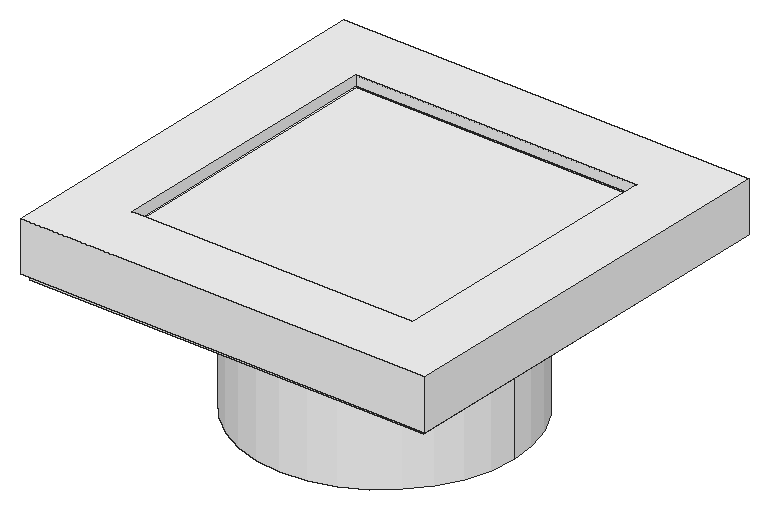
Revit family "Gira_110427", category Electrical Fixtures, host Face, Revit 2017
Family settings
  Host = Face
  Maintain Annotation Orientation = Yes
  Round Connector Dimension = Use Diameter
  Part Type = Normal
  Cut with Voids When Loaded = No
  Shared = No
  Room Calculation Point = No
Parameters (values of type "Rocker sw. hotel room status displ. System 55 p.white m")
  With mounting plate = "No"
  Wiring system = "Series switch"
  White [instance] = White
  Washing machine switch = "No"
  URL = "http://katalog.gira.de/en/datenblatt.html?artikelnr=110427"
  Type of fastening = "Mounting with claw and screw"
  Surface protection = "Other"
  Surface finishing = "Matt"
  Suitable for degree of protection (IP) = "IP20"
  Rated current = "10"
  RAL-number (akin) = "9010"
  Push button switch = "No"
  Number of rockers = "2"
  Number of modules (module system) = "1"
  Nominal voltage = "250"
  Name = "Rocker sw. hotel room status displ. System 55 p.white m"
  Mounting method = "Flush mounted (plaster)"
  Model = "Sys55_Komplettgerät_Schalten und Tasten"
  Method of operation = "Rocker/button"
  Material quality = "Thermoplastic"
  Material = "Plastic"
  Manufacturer URL = "https://www.gira.de/"
  Manufacturer = "Gira"
  Label space/information surface = "No"
  Illumination = "No"
  HeinzeBIM = "https://bimportal.heinze.de/bim/rocker-sw-hotel-room-status-displ-system-55-p-white-m/764a7859e7e3494ae4ec3080dca3cef2ec440534"
  Halogen free = "Yes"
  HAN = "110427"
  GTIN = "4010337104278"
  Feedback-signal contact = "No"
  Description = "Rock.sw.h-room stat.displ. Sys55 PWm,Rocker switch, 10 AX 250 V~ with rocker, 2-gang for displaying hotel room status,,pure white matt,Features:,- Switch for hotel room status display Do not disturb\" and \"Make up room\".,- With block to prevent both sides from being switched on.,- Locked both electrically and mechanically.\""
  Default Elevation = 1219.2 mm
  Data sheet (1) = "https://katalog.gira.de/en/download.html?artikelnr=110427"
  Connection type = "Plug clamp"
  Colour = "White"
  Category = "Switch"
  BIM (1) = "https://media.stage.bim.site/public/gira/36a6b08/Sys55_Komplettgerät_Schalten und Tasten.rfa?public/gira/36a6b08/Sys55_Komplettgerät_Schalten und Tasten.rfa"
  Available = "No"
  Assembly arrangement = "Basic element with central cover plate"
Reference planes
  plane 1 "Center (Front/Back)": y = 0
  plane 2: z = 0
  plane 3 "Center (Left/Right)": x = 0
Forms (mm)
  Extrusion 1, solid, material "White" <- "White", detail levels medium
    sketch origin (0, 0, 0) x (1, 0, 0) y (0, 1, 0)
      loop
        line (-40.4, 40.4) -> (-40.4, -40.4) -> (40.4, -40.4) -> (40.4, 40.4) -> (-40.4, 40.4)
      loop
        line (-28, 28) -> (-28, -28) -> (28, -28) -> (28, 28) -> (-28, 28)
    from 0 to 10
  Extrusion 2, solid, material "White" <- "White", detail levels fine
    sketch origin (0, 0, 0) x (1, 0, 0) y (0, 1, 0)
      loop
        line (-40.4, 40.4) -> (-40.4, -40.4) -> (40.4, -40.4) -> (40.4, 40.4) -> (-40.4, 40.4)
      loop
        line (-28, 28) -> (-28, -28) -> (28, -28) -> (28, 28) -> (-28, 28)
    from 0 to 10
  Extrusion 3, void
    sketch origin (0, 0, 0) x (1, 0, 0) y (0, 1, 0)
      loop
        line (-38.4, 38.4) -> (-38.4, -38.4) -> (38.4, -38.4) -> (38.4, 38.4) -> (-38.4, 38.4)
    from 0 to 8
  Extrusion 4, solid, material "White" <- "White", detail levels medium+fine
    sketch origin (0, 0, 0) x (1, 0, 0) y (0, 1, 0)
      loop
        line (-39.4, 39.4) -> (-39.4, -39.4) -> (39.4, -39.4) -> (39.4, 39.4) -> (-39.4, 39.4)
    from 0 to -1
  Extrusion 5, solid, material "White" <- "White", detail levels medium+fine
    sketch origin (0, 0, 0) x (1, 0, 0) y (0, 1, 0)
      loop
        line (-35.5, 35.5) -> (-35.5, -35.5) -> (35.5, -35.5) -> (35.5, 35.5) -> (-35.5, 35.5)
    from -2 to -3
  Extrusion 6, solid, material "White" <- "White", detail levels medium+fine
    sketch origin (0, 0, 0) x (1, 0, 0) y (0, 1, 0)
      loop
        circle (0, 0) r 26
    from 0 to -27.5
  Extrusion 7, solid, material "White" <- "White", detail levels coarse
    sketch origin (0, 0, 0) x (1, 0, 0) y (0, 1, 0)
      loop
        line (-40.4, 40.4) -> (-40.4, -40.4) -> (40.4, -40.4) -> (40.4, 40.4) -> (-40.4, 40.4)
    from -27.5 to 10
Cuts and joins
  Extrusion 3 cuts Extrusion 2
Dimensions and locks
  aligned and locked: plane 2 to host face
  aligned and locked: level to host face
  aligned and locked: plane 3 "Center (Left/Right)" to nested 2
  aligned and locked: plane 1 "Center (Front/Back)" to nested 2
Nested families
  nested 1: "Sys55_Abdeckung_Schalten und Tasten_floor_base" at (0, 0, 0), type "Sys55_Abdeckung_Schalten und Tasten_floor_base"
  nested 2: "Schalter" at (0, 0, 0), type "Schalter"
Connectors
  electrical at (0, 0, -27.5)
    settings: on Extrusion 6, index 1, voltage 220 V, apparent load 0 VA, apparent load phase1 0 VA, apparent load phase2 0 VA, apparent load phase3 0 VA, power factor 1, load classification "Other", number of poles 1, system type 30, power factor state 1, is connector primary yes, connector utility no, sub classification motor no, connector description ""
Definition of nested family "Sys55_Abdeckung_Schalten und Tasten_floor_base"
  Parameters
    Default Elevation = 1219.2 mm
    White [instance] = none
  Reference planes
    plane 1 "Center (Front/Back)": y = 0
    plane 2: z = 0
    plane 3 "Center (Left/Right)": x = 0
  Forms (mm)
    Extrusion 1, solid
      sketch origin (0, 0, 0) x (1, 0, 0) y (0, 1, 0)
        loop
          line (-1219.2, 1219.2) -> (-1219.2, -1219.2) -> (1219.2, -1219.2) -> (1219.2, 1219.2) -> (-1219.2, 1219.2)
      from 0 to -304.8
    Extrusion 2, solid, material <- "White", detail levels fine
      sketch origin (0, 0, 0) x (1, 0, 0) y (0, 1, 0)
        loop
          line (-27.5, 27.5) -> (-27.5, -27.5) -> (27.5, -27.5) -> (27.5, 27.5) -> (-27.5, 27.5)
      from 0 to 8
    Extrusion 3, void
      sketch origin (0, 0, 0) x (1, 0, 0) y (0, 1, 0)
        loop
          line (26, 26) -> (-26, 26) -> (-26, -26) -> (26, -26) -> (26, 26)
      from 0 to 6
    Extrusion 4, solid, material <- "White", detail levels medium
      sketch origin (0, 0, 0) x (1, 0, 0) y (0, 1, 0)
        loop
          line (-27.5, 27.5) -> (-27.5, -27.5) -> (27.5, -27.5) -> (27.5, 27.5) -> (-27.5, 27.5)
      from 0 to 8
    Extrusion 5, solid, material <- "White", detail levels medium
      sketch origin (0, 0, 0) x (1, 0, 0) y (0, 1, 0)
        loop
          line (11, -17.5) -> (11, 17.5) -> (-11, 17.5) -> (-11, -17.5) -> (11, -17.5)
      from -6 to 6
    Extrusion 6, solid, material <- "White", detail levels fine
      sketch origin (0, 0, 0) x (1, 0, 0) y (0, 1, 0)
        loop
          line (11, 17.5) -> (-11, 17.5) -> (-11, 16.5) -> (11, 16.5) -> (11, 17.5)
        loop
          line (-11, -16.5) -> (-11, -17.5) -> (11, -17.5) -> (11, -16.5) -> (-11, -16.5)
      from -4 to 6
    Extrusion 7, solid, material <- "White", detail levels fine
      sketch origin (0, 0, 0) x (1, 0, 0) y (0, 1, 0)
        loop
          arc (5, 9.347) -> (0, 10.6) -> (-5, 9.347) r 10.6
          line (-5, 9.347) -> (-5, -9.347)
          arc (-5, -9.347) -> (0, -10.6) -> (5, -9.347) r 10.6
          line (5, -9.347) -> (5, 9.347)
      from -6 to 6
    Extrusion 8, solid, material <- "White", detail levels coarse
      sketch origin (0, 0, 0) x (1, 0, 0) y (0, 1, 0)
        loop
          line (-27.5, 27.5) -> (-27.5, -27.5) -> (27.5, -27.5) -> (27.5, 27.5) -> (-27.5, 27.5)
      from -6 to 8
  Cuts and joins
    Extrusion 3 cuts Extrusion 2
  Dimensions and locks
    aligned and locked: plane 2 to Extrusion 1
    aligned and locked: level to Extrusion 1
Definition of nested family "Schalter"
  Reference planes
    plane 1: y = 0
    plane 2: x = 0
  Lines and regions (mm)
    detail lines
      curve 1: circle (1.375, 2.778, 0) r 0.8 normal (0, 0, 1)
      curve 2: line (1.021, 2.061, 0) -> (0, 0, 0)
      curve 3: line (0, 0, 0) -> (-0.538, 0.266, 0)
  Dimensions and locks
    curve 2 to curve 2 = 2.3 mm
    curve 3 to curve 2 = 0.6 mm
    radius of curve 1 = 0.8 mm
